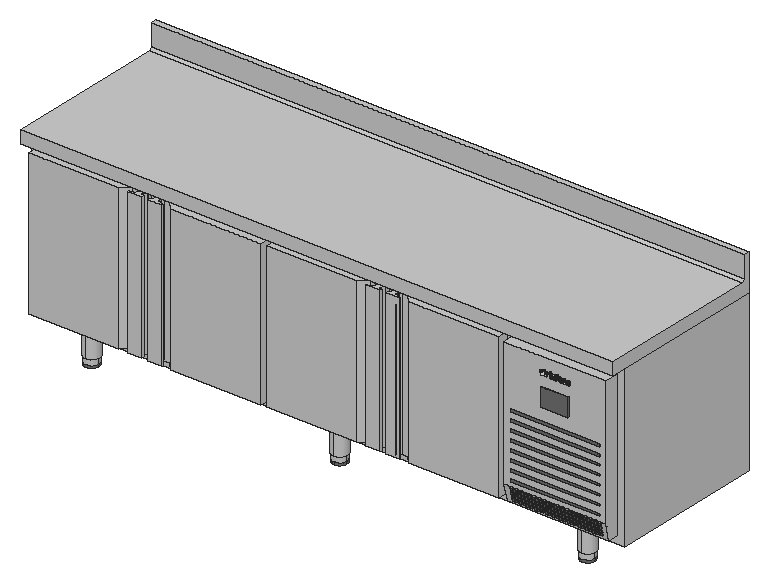
Revit family "QF_INFRICO_BMGN2450II_250808025528", category Specialty Equipment, Revit 2021 (continued)
Definition of nested family "QF_INFRICO_WORKTOP_BACKSPLASH_7972"
  Types (30, lengths in mm): name | Model | Length | Description | Depth
    BKSP10_60 | "BKSP10_60" | 1000 | "WORKTOP WITH BACKSPLASH 1000_600" | 600
    BKSP10_70_MT | "BKSP10_70_MT" | 1000 | "WORKTOP WITH BACKSPLASH 1000_700" | 700
    BKSP15_60_MT | "BKSP15_60_MT" | 1500 | "WORKTOP WITH BACKSPLASH 1500_600" | 600
    BKSP15_70_MT | "BKSP15_70_MT" | 1500 | "WORKTOP WITH BACKSPLASH 1500_700" | 700
    BKSP20_60_MT | "BKSP20_60_MT" | 2000 | "WORKTOP WITH BACKSPLASH 2000_600" | 600
    BKSP20_70_MT | "BKSP20_70_MT" | 2000 | "WORKTOP WITH BACKSPLASH 2000_700" | 700
    BKSP25_30 | "BKSP25_30" | 2452 | "WORKTOP WITH BACKSPLASH 2500_300" | 300
    BKSP25_60 | "BKSP25_60" | 2452 | "WORKTOP WITH BACKSPLASH 2500_600" | 600
  Reference planes
    plane 1 "Back": y = 0
    plane 2: z = 0
    plane 3 "Left": x = 0
    plane 4 "Right": x = 1000
    plane 5 "Front": y = -600
    plane 6 "Top": z = 150.03
  Forms (mm)
    Extrusion 1, solid
      sketch origin (0, 0, -660) x (0, 1, 0) y (0, 0, 1)
        loop
          line (0, 660) -> (0, 810.03) -> (-20, 810.03) -> (-20, 720.071) -> (-30.071, 710) -> (-600, 710) -> (-600, 660) -> (0, 660)
      from 0 to 1000
  Lines and regions (mm)
    symbolic lines
      curve 1: line (0, -600, 0) -> (1000, -600, 0)
      curve 2: line (0, 0, 0) -> (0, -600, 0)
      curve 3: line (1000, -600, 0) -> (1000, 0, 0)
      curve 4: line (1000, 0, 0) -> (0, 0, 0)
      curve 5: line (0, -20, 0) -> (1000, -20, 0)
  Dimensions and locks
    plane 6 "Top" to level = 150.03 mm
    plane 4 "Right" to plane 3 "Left" = 1000 mm
    "Length": plane 3 "Left" to plane 4 "Right"
    "Depth": plane 5 "Front" to plane 1 "Back"
    aligned and locked: level to plane 2
    aligned and locked: Extrusion 1 to plane 4 "Right"
  Automatic sketch dimensions
    curve 1 to plane 3 "Left" = 0 mm
    plane 1 "Back" to curve 4 = 0 mm
    curve 4 to plane 4 "Right" = 0 mm
    curve 1 to plane 5 "Front" = 0 mm
    plane 1 "Back" to curve 5 = 20 mm
    Extrusion 1 sketch curve to level = 0 mm
    Extrusion 1 sketch curve to plane 5 "Front" = 0 mm
    Extrusion 1 sketch curve to plane 6 "Top" = 0 mm
    Extrusion 1 sketch curve to plane 1 "Back" = 0 mm
    plane 1 "Back" to Extrusion 1 sketch curve = 30.071 mm
    Extrusion 1 sketch curve to Extrusion 1 sketch curve = 10.071 mm  (x2)
    level to Extrusion 1 sketch curve = 50 mm
Definition of nested family "QF_INFRICO_LEGS_8808"
  Parameters (values of type "LEGS_2190_740")
    Weight [instance] = 0.00 kg
    Warranty Start Date [instance] = ""
    Warranty Duration [instance] = ""
    URL Cutsheet [instance] = ""
    URL = "www.infrico.com"
    Technical Documentation [instance] = ""
    Tag Number [instance] = ""
    Status [instance] = ""
    Specification by User [instance] = ""
    Specification by Manufacturer [instance] = ""
    Sound Level [instance] = ""
    Solid Fuel Type [instance] = ""
    Show Logo [instance] = yes
    Show Clearances [instance] = yes
    Show Clearance [instance] = yes
    Service Life Duration [instance] = ""
    Serial Number [instance] = ""
    Seismic Rating [instance] = ""
    SMACNA No [instance] = ""
    Revision Code [instance] = ""
    Revision [instance] = ""
    Production Year [instance] = ""
    Point Load [instance] = 0
    Other Equipment Approvals [instance] = ""
    NAFEM Spec ID Number [instance] = ""
    Model Warning [instance] = ""
    Model = "LEGS_2190_740"
    Masterspec [instance] = ""
    Manufacturer = "INFRICO"
    Length Actual [instance] = 0 mm
    Length = 2185 mm
    Item Number [instance] = ""
    Installed By [instance] = ""
    Installation Date [instance] = ""
    Identify Quantity as Lot [instance] = yes
    ID [instance] = ""
    Hygiene Approval [instance] = ""
    Height Actual [instance] = 0 mm
    Height = 140 mm
    Furnished By [instance] = ""
    Foodservice Equipment Identifier [instance] = yes
    ETL Approved [instance] = yes
    Description = "LEGS"
    Depth Actual [instance] = 0 mm
    Depth = 738 mm
    Default Elevation = 0 mm
    CentralLegs = if(or(Length > 2200 mm, Length = 2144 mm), 2 > 1, 2 < 1)  # no
    CSI MasterFormat [instance] = ""
    CE Approved [instance] = yes
    Barcode [instance] = ""
    Author [instance] = ""
    Asset Identifier [instance] = ""
    Assembly Code = "E1090320"
    Accessory [instance] = yes
  Types (29, lengths in mm): name | Model | Length | Height | Depth | CentralLegs
    LEGS_1960_700 | "LEGS_1960_700" | 1960 | 140 | 700 | no
    LEGS_1470_700 | "LEGS_1470_700" | 1468 | 140 | 700 | no
    LEGS_2450_700 | "LEGS_2450_700" | 2452 | 140 | 700 | yes
    LEGS_1470_600 | "LEGS_1470_600" | 1468 | 140 | 600 | no
    LEGS_1960_600 | "LEGS_1960_600" | 1960 | 140 | 600 | no
    LEGS_2450_600 | "LEGS_2450_600" | 2452 | 140 | 600 | yes
    LEGS_1610_800 | "LEGS_1610_800" | 1618 | 140 | 800 | no
    LEGS_2190_800 | "LEGS_2190_800" | 2185 | 140 | 800 | no
    LEGS_2750_800 | "LEGS_2750_800" | 2752 | 140 | 800 | yes
    LEGS_1160_700 | "LEGS_1160_700" | 1160 | 140 | 700 | no
    LEGS_1650_700 | "LEGS_1650_700" | 1652 | 140 | 700 | no
    LEGS_2140_700 | "LEGS_2140_700" | 2144 | 140 | 700 | yes
    LEGS_1960_640 | "LEGS_1960_640" | 1960 | 140 | 638 | no
    LEGS_1470_640 | "LEGS_1470_640" | 1468 | 140 | 638 | no
    LEGS_1160_600 | "LEGS_1160_600" | 1160 | 140 | 600 | no
    LEGS_1650_600 | "LEGS_1650_600" | 1652 | 140 | 600 | no
    LEGS_1310_800 | "LEGS_1310_800" | 1310 | 140 | 800 | no
    LEGS_1890_800 | "LEGS_1890_800" | 1877 | 140 | 800 | no
    LEGS_2440_800 | "LEGS_2440_800" | 2444 | 140 | 800 | yes
    LEGS_1610_740 | "LEGS_1610_740" | 1618 | 140 | 738 | no
    LEGS_2190_740 | "LEGS_2190_740" | 2185 | 140 | 738 | no
    LEGS_2140_600 | "LEGS_2140_600" | 2144 | 140 | 600 | yes
    LEGS_980_800 | "LEGS_980_800" | 980 | 150 | 800 | no
    LEGS_1470_800 | "LEGS_1470_800" | 1468 | 150 | 800 | no
    LEGS_1740_800 | "LEGS_1740_800" | 1738 | 140 | 800 | no
    LEGS_2300_800 | "LEGS_2300_800" | 2305 | 140 | 800 | yes
    LEGS_1690_800 | "LEGS_1690_800" | 1693 | 140 | 800 | no
    LEGS_2260_800 | "LEGS_2260_800" | 2260 | 140 | 800 | yes
    LEGS_1460_700 | "LEGS_1460_700" | 1460 | 140 | 700 | no
  Reference planes
    plane 1 "Back": y = 0
    plane 2: z = 0
    plane 3 "Left": x = 0
    plane 4 "Right": x = 2185
    plane 5 "Front": y = -738
    plane 6 "Top": z = 140
    plane 7 "Central": x = 1092.5
  Forms (mm)
    Extrusion 1, solid
      sketch origin (0, 0, 140) x (0, 1, 0) y (-1, 0, 0)
        loop
          line (-568, -154.986) -> (-668, -154.986) -> (-668, -244.986) -> (-568, -244.986) -> (-568, -154.986)
      from 0 to -3
    Extrusion 2, solid
      sketch origin (0, 0, 0) x (1, 0, 0) y (0, 1, 0)
        loop
          circle (199.986, -618) r 28
      from 9 to 35
    Extrusion 3, solid
      sketch origin (0, 0, 0) x (1, 0, 0) y (0, 1, 0)
        loop
          circle (199.986, -618) r 28.5
      from 0 to 9
    Sweep 4, solid
      path origin (0, 0, 0) x (0, 1, 0) y (0, 0, 1)
        loop
          line (-618, 35) -> (-618, 137)
      profile origin (0, -618, 86) x (0, -1, 0) y (1, 0, 0)
        loop
          circle (0, 199.986) r 32
    Extrusion 5, solid
      sketch origin (0, 500, 140) x (0, 1, 0) y (-1, 0, 0)
        loop
          line (-530, -154.986) -> (-630, -154.986) -> (-630, -244.986) -> (-530, -244.986) -> (-530, -154.986)
      from 0 to -3
    Extrusion 6, solid
      sketch origin (0, 500, 0) x (1, 0, 0) y (0, 1, 0)
        loop
          circle (199.986, -580) r 28
      from 9 to 35
    Extrusion 7, solid
      sketch origin (0, 500, 0) x (1, 0, 0) y (0, 1, 0)
        loop
          circle (199.986, -580) r 28.5
      from 0 to 9
    Sweep 8, solid
      path origin (0, 500, 0) x (0, 1, 0) y (0, 0, 1)
        loop
          line (-580, 35) -> (-580, 137)
      profile origin (0, -80, 86) x (0, -1, 0) y (1, 0, 0)
        loop
          circle (0, 199.986) r 32
    Extrusion 9, solid
      sketch origin (1560, 0, 140) x (0, 1, 0) y (-1, 0, 0)
        loop
          line (-568, -379.986) -> (-668, -379.986) -> (-668, -469.986) -> (-568, -469.986) -> (-568, -379.986)
      from 0 to -3
    Extrusion 10, solid
      sketch origin (1560, 0, 0) x (1, 0, 0) y (0, 1, 0)
        loop
          circle (424.986, -618) r 28
      from 9 to 35
    Extrusion 11, solid
      sketch origin (1560, 0, 0) x (1, 0, 0) y (0, 1, 0)
        loop
          circle (424.986, -618) r 28.5
      from 0 to 9
    Sweep 12, solid
      path origin (2185, 0, 0) x (0, -1, 0) y (0, 0, 1)
        loop
          line (618, 35) -> (618, 137)
      profile origin (2185, -618, 86) x (0, 1, 0) y (-1, 0, 0)
        loop
          circle (0, 199.986) r 32
    Extrusion 13, solid
      sketch origin (1560, 500, 140) x (0, 1, 0) y (-1, 0, 0)
        loop
          line (-530, -379.986) -> (-630, -379.986) -> (-630, -469.986) -> (-530, -469.986) -> (-530, -379.986)
      from 0 to -3
    Extrusion 14, solid
      sketch origin (1560, 500, 0) x (1, 0, 0) y (0, 1, 0)
        loop
          circle (424.986, -580) r 28
      from 9 to 35
    Extrusion 15, solid
      sketch origin (1560, 500, 0) x (1, 0, 0) y (0, 1, 0)
        loop
          circle (424.986, -580) r 28.5
      from 0 to 9
    Sweep 16, solid
      path origin (2185, 0, 0) x (0, -1, 0) y (0, 0, 1)
        loop
          line (80, 35) -> (80, 137)
      profile origin (2185, -80, 86) x (0, 1, 0) y (-1, 0, 0)
        loop
          circle (0, 199.986) r 32
    Extrusion 17, solid, visible <- "CentralLegs"
      sketch origin (534.014, 0, 140) x (0, 1, 0) y (-1, 0, 0)
        loop
          line (-568, -513.486) -> (-668, -513.486) -> (-668, -603.486) -> (-568, -603.486) -> (-568, -513.486)
      from 0 to -3
    Extrusion 18, solid, visible <- "CentralLegs"
      sketch origin (534.014, 0, 0) x (1, 0, 0) y (0, 1, 0)
        loop
          circle (558.486, -618) r 28
      from 9 to 35
    Extrusion 19, solid, visible <- "CentralLegs"
      sketch origin (534.014, 0, 0) x (1, 0, 0) y (0, 1, 0)
        loop
          circle (558.486, -618) r 28.5
      from 0 to 9
    Sweep 20, solid, visible <- "CentralLegs"
      path origin (1092.5, 0, 0) x (0, -1, 0) y (0, 0, 1)
        loop
          line (618, 35) -> (618, 137)
      profile origin (1092.5, -618, 86) x (0, 1, 0) y (-1, 0, 0)
        loop
          circle (0, -0.014) r 32
    Extrusion 21, solid, visible <- "CentralLegs"
      sketch origin (534.014, 500, 140) x (0, 1, 0) y (-1, 0, 0)
        loop
          line (-530, -513.486) -> (-630, -513.486) -> (-630, -603.486) -> (-530, -603.486) -> (-530, -513.486)
      from 0 to -3
    Extrusion 22, solid, visible <- "CentralLegs"
      sketch origin (534.014, 500, 0) x (1, 0, 0) y (0, 1, 0)
        loop
          circle (558.486, -580) r 28
      from 9 to 35
    Extrusion 23, solid, visible <- "CentralLegs"
      sketch origin (534.014, 500, 0) x (1, 0, 0) y (0, 1, 0)
        loop
          circle (558.486, -580) r 28.5
      from 0 to 9
    Sweep 24, solid, visible <- "CentralLegs"
      path origin (1092.5, 0, 0) x (0, -1, 0) y (0, 0, 1)
        loop
          line (80, 35) -> (80, 137)
      profile origin (1092.5, -80, 86) x (0, 1, 0) y (-1, 0, 0)
        loop
          circle (0, -0.014) r 32
  Dimensions and locks
    "Length": plane 3 "Left" to plane 4 "Right"
    "Depth": plane 1 "Back" to plane 5 "Front"
    "Height": plane 6 "Top" to plane 2
    equal spacing: plane 3 "Left", plane 7 "Central", plane 4 "Right"
    locked: Sweep 20 sketch curve to profile plane at 0.014
    locked: Sweep 24 sketch curve to profile plane at 0.014
    aligned and locked: level to plane 2
  Automatic sketch dimensions
    plane 5 "Front" to Extrusion 1 sketch curve = 70 mm
    Extrusion 1 sketch curve to Extrusion 1 sketch curve = 100 mm
    plane 3 "Left" to Extrusion 1 sketch curve = 244.986 mm
    Extrusion 1 sketch curve to Extrusion 1 sketch curve = 90 mm
    plane 3 "Left" to Extrusion 2 sketch curve = 199.986 mm
    plane 5 "Front" to Extrusion 2 sketch curve = 120 mm
    plane 3 "Left" to Extrusion 3 sketch curve = 199.986 mm
    plane 5 "Front" to Extrusion 3 sketch curve = 120 mm
    Sweep 4 sketch curve to plane 6 "Top" = 3 mm
    plane 5 "Front" to Sweep 4 sketch curve = 120 mm
    level to Sweep 4 sketch curve = 35 mm
    Sweep 4 sketch curve to profile plane = 0 mm
    plane 3 "Left" to Sweep 4 sketch curve = 199.986 mm
    plane 1 "Back" to Extrusion 5 sketch curve = 130 mm
    plane 1 "Back" to Extrusion 5 sketch curve = 30 mm
    plane 3 "Left" to Extrusion 5 sketch curve = 244.986 mm
    Extrusion 5 sketch curve to Extrusion 5 sketch curve = 90 mm
    plane 1 "Back" to Extrusion 6 sketch curve = 80 mm
    plane 3 "Left" to Extrusion 6 sketch curve = 199.986 mm
    plane 1 "Back" to Extrusion 7 sketch curve = 80 mm
    plane 3 "Left" to Extrusion 7 sketch curve = 199.986 mm
    Sweep 8 sketch curve to plane 6 "Top" = 3 mm
    plane 1 "Back" to Sweep 8 sketch curve = 80 mm
    level to Sweep 8 sketch curve = 35 mm
    Sweep 8 sketch curve to profile plane = 0 mm
    plane 3 "Left" to Sweep 8 sketch curve = 199.986 mm
    plane 5 "Front" to Extrusion 9 sketch curve = 70 mm
    Extrusion 9 sketch curve to Extrusion 9 sketch curve = 100 mm
    plane 4 "Right" to Extrusion 9 sketch curve = 155.014 mm
    Extrusion 9 sketch curve to Extrusion 9 sketch curve = 90 mm
    plane 4 "Right" to Extrusion 10 sketch curve = 200.014 mm
    plane 5 "Front" to Extrusion 10 sketch curve = 120 mm
    plane 4 "Right" to Extrusion 11 sketch curve = 200.014 mm
    plane 5 "Front" to Extrusion 11 sketch curve = 120 mm
    Sweep 12 sketch curve to profile plane = 0 mm
    profile plane to Sweep 12 sketch curve = 199.986 mm
    plane 1 "Back" to Extrusion 13 sketch curve = 130 mm
    plane 1 "Back" to Extrusion 13 sketch curve = 30 mm
    plane 4 "Right" to Extrusion 13 sketch curve = 155.014 mm
    Extrusion 13 sketch curve to Extrusion 13 sketch curve = 90 mm
    plane 1 "Back" to Extrusion 14 sketch curve = 80 mm
    plane 4 "Right" to Extrusion 14 sketch curve = 200.014 mm
    plane 1 "Back" to Extrusion 15 sketch curve = 80 mm
    plane 4 "Right" to Extrusion 15 sketch curve = 200.014 mm
    Sweep 16 sketch curve to profile plane = 0 mm
    profile plane to Sweep 16 sketch curve = 199.986 mm
    plane 5 "Front" to Extrusion 17 sketch curve = 70 mm
    Extrusion 17 sketch curve to plane 7 "Central" = 45 mm
    Extrusion 17 sketch curve to Extrusion 17 sketch curve = 100 mm
    plane 7 "Central" to Extrusion 17 sketch curve = 45 mm
    Extrusion 18 sketch curve to plane 7 "Central" = 0 mm
    plane 5 "Front" to Extrusion 18 sketch curve = 120 mm
    Extrusion 19 sketch curve to plane 7 "Central" = 0 mm
    plane 5 "Front" to Extrusion 19 sketch curve = 120 mm
    Sweep 20 sketch curve to profile plane = 0 mm
    plane 7 "Central" to Extrusion 21 sketch curve = 45 mm
    plane 1 "Back" to Extrusion 21 sketch curve = 130 mm
    plane 1 "Back" to Extrusion 21 sketch curve = 30 mm
    Extrusion 21 sketch curve to plane 7 "Central" = 45 mm
    Extrusion 22 sketch curve to plane 7 "Central" = 0 mm
    plane 1 "Back" to Extrusion 22 sketch curve = 80 mm
    Extrusion 23 sketch curve to plane 7 "Central" = 0 mm
    plane 1 "Back" to Extrusion 23 sketch curve = 80 mm
    Sweep 24 sketch curve to profile plane = 0 mm
    Sweep 16 sketch curve to plane 6 "Top" = 3 mm
    plane 1 "Back" to Sweep 16 sketch curve = 80 mm
    level to Sweep 16 sketch curve = 35 mm
    Sweep 12 sketch curve to plane 6 "Top" = 3 mm
    plane 5 "Front" to Sweep 12 sketch curve = 120 mm
    level to Sweep 12 sketch curve = 35 mm
    Sweep 20 sketch curve to plane 6 "Top" = 3 mm
    plane 5 "Front" to Sweep 20 sketch curve = 120 mm
    level to Sweep 20 sketch curve = 35 mm
    Sweep 24 sketch curve to plane 6 "Top" = 3 mm
    plane 1 "Back" to Sweep 24 sketch curve = 80 mm
    level to Sweep 24 sketch curve = 35 mm
    radius of Extrusion 2 sketch curve = 28 mm
    radius of Extrusion 3 sketch curve = 28.5 mm
    radius of Sweep 4 sketch curve = 32 mm
    radius of Extrusion 6 sketch curve = 28 mm
    radius of Extrusion 7 sketch curve = 28.5 mm
    radius of Sweep 8 sketch curve = 32 mm
    radius of Extrusion 10 sketch curve = 28 mm
    radius of Extrusion 11 sketch curve = 28.5 mm
    radius of Sweep 12 sketch curve = 32 mm
    radius of Extrusion 14 sketch curve = 28 mm
    radius of Extrusion 15 sketch curve = 28.5 mm
    radius of Sweep 16 sketch curve = 32 mm
    radius of Extrusion 18 sketch curve = 28 mm
    radius of Extrusion 19 sketch curve = 28.5 mm
    radius of Sweep 20 sketch curve = 32 mm
    radius of Extrusion 22 sketch curve = 28 mm
    radius of Extrusion 23 sketch curve = 28.5 mm
    radius of Sweep 24 sketch curve = 32 mm
Definition of nested family "CONN_POINT_DRAIN_2D___Generic_Annotation"
  Parameters (values of type "CONN_POINT_DRAIN_2D___Generic_Annotation")
    Onboard connection annotation symbol visibility [instance] = yes
  Reference planes
    plane 1: y = 0
    plane 2: x = 0
  Lines and regions (mm)
    detail lines, visible <- "Onboard connection annotation symbol visibility"
      curve 1: circle (0, 0, 0) r 0.5 normal (0, 0, 1)
      curve 2: line (-1, 0, 0) -> (1, 0, 0)
      curve 3: line (0, 1, 0) -> (0, -1, 0)
      curve 4: line (1.776, 1, 0) -> (1.25, 1, 0)
      curve 5: line (1.25, 1, 0) -> (1.25, -1, 0)
      curve 6: line (1.25, -1, 0) -> (1.776, -1, 0)
      curve 7: arc (2.206, -0.862, 0) -> (2.459, -0.589, 0) -> (2.583, -0.238, 0) r 0.918
      curve 8: arc (2.583, 0.238, 0) -> (2.459, 0.589, 0) -> (2.206, 0.862, 0) r 0.918
      curve 9: arc (2.583, -0.238, 0) -> (2.599, 0, 0) -> (2.583, 0.238, 0) r 1.77
      curve 10: arc (2.206, 0.862, 0) -> (2.002, 0.965, 0) -> (1.776, 1, 0) r 0.741
      curve 11: arc (1.776, -1, 0) -> (2.002, -0.965, 0) -> (2.206, -0.862, 0) r 0.741
Definition of nested family "CONN_POINT_ELE_2D___Generic_Annotation"
  Parameters (values of type "CONN_POINT_ELE_2D___Generic_Annotation")
    Onboard connection annotation symbol visibility [instance] = yes
  Reference planes
    plane 1: y = 0
    plane 2: x = 0
  Lines and regions (mm)
    detail lines, visible <- "Onboard connection annotation symbol visibility"
      curve 1: circle (0, 0, 0) r 0.5 normal (0, 0, 1)
      curve 2: line (-1, 0, 0) -> (1, 0, 0)
      curve 3: line (0, 1, 0) -> (0, -1, 0)
      curve 4: line (2.5, 1, 0) -> (1.25, 1, 0)
      curve 5: line (1.25, 1, 0) -> (1.25, -1, 0)
      curve 6: line (1.25, -1, 0) -> (2.5, -1, 0)
      curve 7: line (1.25, 0, 0) -> (2, 0, 0)
